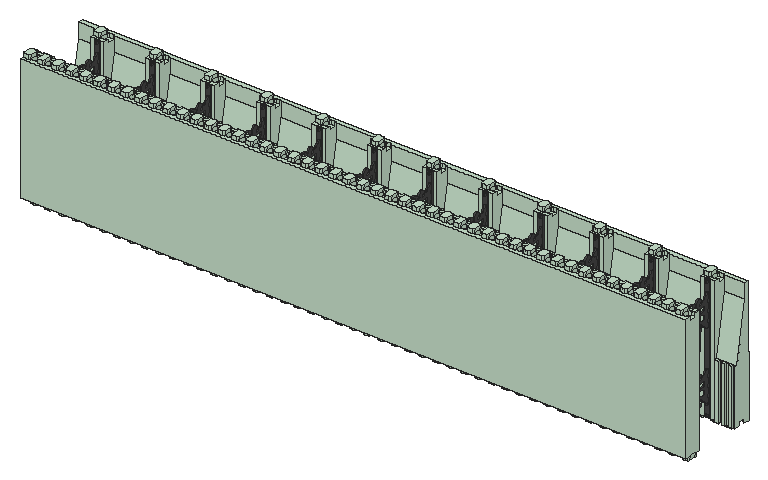
Revit family (continued)
Definition of nested family "NUDURA Diamond Pattern"
  Lines and regions (mm)
    model lines
      curve 162: line (96.953, -142.875, 71.165) -> (87.428, -142.875, 61.64)
      curve 163: arc (87.428, -142.875, 61.64) -> (85.569, -142.875, 57.15) -> (87.428, -142.875, 52.66) r 6.35
      curve 164: line (87.428, -142.875, 52.66) -> (96.953, -142.875, 43.135)
      curve 165: arc (96.953, -142.875, 43.135) -> (101.444, -142.875, 41.275) -> (105.934, -142.875, 43.135) r 6.35
      curve 166: line (105.934, -142.875, 43.135) -> (115.459, -142.875, 52.66)
      curve 167: arc (115.459, -142.875, 52.66) -> (117.319, -142.875, 57.15) -> (115.459, -142.875, 61.64) r 6.35
      curve 168: line (115.459, -142.875, 61.64) -> (105.934, -142.875, 71.165)
      curve 169: arc (93.906, -142.875, 34.508) -> (95.394, -142.875, 38.1) -> (93.906, -142.875, 41.692) r 5.08
      curve 170: line (93.906, -142.875, 34.508) -> (85.183, -142.875, 25.785)
      curve 171: arc (85.183, -142.875, 25.785) -> (82.394, -142.875, 19.05) -> (85.183, -142.875, 12.315) r 9.525
      curve 172: line (85.183, -142.875, 12.315) -> (94.708, -142.875, 2.79)
      curve 173: arc (94.708, -142.875, 2.79) -> (101.444, -142.875, 0) -> (108.179, -142.875, 2.79) r 9.525
      curve 174: line (108.179, -142.875, 2.79) -> (117.704, -142.875, 12.315)
      curve 175: arc (117.704, -142.875, 12.315) -> (120.494, -142.875, 19.05) -> (117.704, -142.875, 25.785) r 9.525
      curve 176: line (117.704, -142.875, 25.785) -> (108.981, -142.875, 34.508)
      curve 177: arc (108.981, -142.875, 41.692) -> (107.493, -142.875, 38.1) -> (108.981, -142.875, 34.508) r 5.08
      curve 178: arc (105.934, -142.875, 33.065) -> (101.444, -142.875, 34.925) -> (96.953, -142.875, 33.065) r 6.35
      curve 179: line (115.459, -142.875, 23.54) -> (105.934, -142.875, 33.065)
      curve 180: arc (115.459, -142.875, 14.56) -> (117.319, -142.875, 19.05) -> (115.459, -142.875, 23.54) r 6.35
      curve 181: line (105.934, -142.875, 5.035) -> (115.459, -142.875, 14.56)
      curve 182: arc (96.953, -142.875, 5.035) -> (101.444, -142.875, 3.175) -> (105.934, -142.875, 5.035) r 6.35
      curve 183: line (87.428, -142.875, 14.56) -> (96.953, -142.875, 5.035)
      curve 184: arc (87.428, -142.875, 23.54) -> (85.569, -142.875, 19.05) -> (87.428, -142.875, 14.56) r 6.35
      curve 185: line (96.953, -142.875, 33.065) -> (87.428, -142.875, 23.54)
      curve 186: arc (108.981, -142.875, 79.792) -> (107.493, -142.875, 76.2) -> (108.981, -142.875, 72.608) r 5.08
      curve 187: arc (108.981, -142.875, 117.892) -> (107.493, -142.875, 114.3) -> (108.981, -142.875, 110.708) r 5.08
      curve 188: arc (108.981, -142.875, 155.992) -> (107.493, -142.875, 152.4) -> (108.981, -142.875, 148.808) r 5.08
      curve 189: arc (108.981, -142.875, 194.092) -> (107.493, -142.875, 190.5) -> (108.981, -142.875, 186.908) r 5.08
      curve 190: arc (108.981, -142.875, 232.192) -> (107.493, -142.875, 228.6) -> (108.981, -142.875, 225.008) r 5.08
      curve 191: arc (108.981, -142.875, 270.292) -> (107.493, -142.875, 266.7) -> (108.981, -142.875, 263.108) r 5.08
      curve 192: arc (108.981, -142.875, 308.392) -> (107.493, -142.875, 304.8) -> (108.981, -142.875, 301.208) r 5.08
      curve 193: arc (108.981, -142.875, 346.492) -> (107.493, -142.875, 342.9) -> (108.981, -142.875, 339.308) r 5.08
      curve 194: arc (108.981, -142.875, 384.592) -> (107.493, -142.875, 381) -> (108.981, -142.875, 377.408) r 5.08
      curve 195: arc (108.981, -142.875, 422.692) -> (107.493, -142.875, 419.1) -> (108.981, -142.875, 415.508) r 5.08
Definition of nested family "NUDURA Logo Diamond"
  Reference planes
    plane 1 "Center (Front/Back)": y = 0
    plane 2: z = 0
    plane 3 "Center (Left/Right)": x = 0
  Lines and regions (mm)
    model lines
      curve 1: line (320.001, 0, 444.526) -> (311.021, 0, 453.507)
      curve 2: line (313.973, 0, 425.925) -> (320.001, 0, 431.954)
      curve 3: line (320.001, 0, 406.426) -> (313.973, 0, 412.455)
      curve 4: line (313.973, 0, 387.825) -> (320.001, 0, 393.854)
      curve 5: line (320.001, 0, 368.326) -> (313.973, 0, 374.355)
      curve 6: line (313.973, 0, 349.725) -> (320.001, 0, 355.754)
      curve 7: line (309.225, 0, 337.411) -> (322.887, 0, 323.749)
      curve 8: line (322.887, 0, 323.749) -> (324.683, 0, 325.545)
      curve 9: line (286.583, 0, 323.749) -> (300.245, 0, 337.411)
      curve 10: line (295.497, 0, 336.255) -> (284.787, 0, 325.545)
      curve 11: line (289.468, 0, 355.754) -> (295.497, 0, 349.725)
      curve 12: line (295.497, 0, 374.355) -> (289.468, 0, 368.326)
      curve 13: line (289.468, 0, 393.854) -> (295.497, 0, 387.825)
      curve 14: line (295.497, 0, 412.455) -> (289.468, 0, 406.426)
      curve 15: line (289.468, 0, 431.954) -> (295.497, 0, 425.925)
      curve 16: line (298.449, 0, 453.507) -> (289.468, 0, 444.526)
      curve 17: line (300.245, 0, 451.711) -> (291.265, 0, 442.73)
      curve 18: line (318.205, 0, 442.73) -> (309.225, 0, 451.711)
      curve 19: line (309.225, 0, 424.77) -> (318.205, 0, 433.75)
      curve 20: line (291.265, 0, 433.75) -> (300.245, 0, 424.77)
      curve 21: arc (289.468, 0, 444.526) -> (286.865, 0, 438.24) -> (289.468, 0, 431.954) r 8.89
      curve 22: arc (298.449, 0, 453.507) -> (304.735, 0, 456.111) -> (311.021, 0, 453.507) r 8.89
      curve 23: arc (291.265, 0, 442.73) -> (289.405, 0, 438.24) -> (291.265, 0, 433.75) r 6.35
      curve 24: arc (318.205, 0, 442.73) -> (320.065, 0, 438.24) -> (318.205, 0, 433.75) r 6.35
      curve 25: arc (309.225, 0, 424.77) -> (304.735, 0, 422.91) -> (300.245, 0, 424.77) r 6.35
      curve 26: arc (300.245, 0, 451.711) -> (304.735, 0, 453.571) -> (309.225, 0, 451.711) r 6.35
      curve 27: arc (320.001, 0, 444.526) -> (322.605, 0, 438.24) -> (320.001, 0, 431.954) r 8.89
      curve 28: arc (295.497, 0, 425.925) -> (298.287, 0, 419.19) -> (295.497, 0, 412.455) r 9.525
      curve 29: arc (313.973, 0, 425.925) -> (311.183, 0, 419.19) -> (313.973, 0, 412.455) r 9.525
      curve 30: line (313.973, 0, 387.825) -> (320.001, 0, 393.854)
      curve 31: line (289.468, 0, 393.854) -> (295.497, 0, 387.825)
      curve 32: line (300.245, 0, 413.611) -> (291.265, 0, 404.63)
      curve 33: line (318.205, 0, 404.63) -> (309.225, 0, 413.611)
      curve 34: line (309.225, 0, 386.67) -> (318.205, 0, 395.65)
      curve 35: line (291.265, 0, 395.65) -> (300.245, 0, 386.67)
      curve 36: arc (289.468, 0, 406.426) -> (286.865, 0, 400.14) -> (289.468, 0, 393.854) r 8.89
      curve 37: arc (291.265, 0, 404.63) -> (289.405, 0, 400.14) -> (291.265, 0, 395.65) r 6.35
      curve 38: arc (318.205, 0, 404.63) -> (320.065, 0, 400.14) -> (318.205, 0, 395.65) r 6.35
      curve 39: arc (309.225, 0, 386.67) -> (304.735, 0, 384.81) -> (300.245, 0, 386.67) r 6.35
      curve 40: arc (300.245, 0, 413.611) -> (304.735, 0, 415.471) -> (309.225, 0, 413.611) r 6.35
      curve 41: arc (320.001, 0, 406.426) -> (322.605, 0, 400.14) -> (320.001, 0, 393.854) r 8.89
      curve 42: line (295.497, 0, 412.455) -> (289.468, 0, 406.426)
      curve 43: line (320.001, 0, 406.426) -> (313.973, 0, 412.455)
      curve 44: arc (295.497, 0, 387.825) -> (298.287, 0, 381.09) -> (295.497, 0, 374.355) r 9.525
      curve 45: arc (313.973, 0, 387.825) -> (311.183, 0, 381.09) -> (313.973, 0, 374.355) r 9.525
      curve 46: line (313.973, 0, 349.725) -> (320.001, 0, 355.754)
      curve 47: line (289.468, 0, 355.754) -> (295.497, 0, 349.725)
      curve 48: line (300.245, 0, 375.511) -> (291.265, 0, 366.53)
      curve 49: line (318.205, 0, 366.53) -> (309.225, 0, 375.511)
      curve 50: line (309.225, 0, 348.57) -> (318.205, 0, 357.55)
      curve 51: line (291.265, 0, 357.55) -> (300.245, 0, 348.57)
      curve 52: arc (289.468, 0, 368.326) -> (286.865, 0, 362.04) -> (289.468, 0, 355.754) r 8.89
      curve 53: arc (291.265, 0, 366.53) -> (289.405, 0, 362.04) -> (291.265, 0, 357.55) r 6.35
      curve 54: arc (318.205, 0, 366.53) -> (320.065, 0, 362.04) -> (318.205, 0, 357.55) r 6.35
      curve 55: arc (309.225, 0, 348.57) -> (304.735, 0, 346.71) -> (300.245, 0, 348.57) r 6.35
      curve 56: arc (300.245, 0, 375.511) -> (304.735, 0, 377.371) -> (309.225, 0, 375.511) r 6.35
      curve 57: arc (320.001, 0, 368.326) -> (322.605, 0, 362.04) -> (320.001, 0, 355.754) r 8.89
      curve 58: line (295.497, 0, 374.355) -> (289.468, 0, 368.326)
      curve 59: arc (295.497, 0, 349.725) -> (298.287, 0, 342.99) -> (295.497, 0, 336.255) r 9.525
      curve 60: arc (313.973, 0, 349.725) -> (311.183, 0, 342.99) -> (313.973, 0, 336.255) r 9.525
      curve 61: line (324.683, 0, 325.545) -> (313.973, 0, 336.255)
      curve 62: line (284.787, 0, 325.545) -> (286.583, 0, 323.749)
      curve 63: arc (300.245, 0, 337.411) -> (304.735, 0, 339.271) -> (309.225, 0, 337.411) r 6.35
      curve 64: line (320.001, 0, 12.854) -> (311.021, 0, 3.874)
      curve 65: line (313.973, 0, 31.455) -> (320.001, 0, 25.426)
      curve 66: line (320.001, 0, 50.954) -> (313.973, 0, 44.925)
      curve 67: line (313.973, 0, 69.555) -> (320.001, 0, 63.526)
      curve 68: line (320.001, 0, 89.054) -> (313.973, 0, 83.025)
      curve 69: line (313.973, 0, 107.655) -> (320.001, 0, 101.626)
      curve 70: line (309.225, 0, 119.97) -> (322.887, 0, 133.632)
      curve 71: line (322.887, 0, 133.632) -> (324.683, 0, 131.836)
      curve 72: line (286.583, 0, 133.632) -> (300.245, 0, 119.97)
      curve 73: line (295.497, 0, 121.125) -> (284.787, 0, 131.836)
      curve 74: line (289.468, 0, 101.626) -> (295.497, 0, 107.655)
      curve 75: line (295.497, 0, 83.025) -> (289.468, 0, 89.054)
      curve 76: line (289.468, 0, 63.526) -> (295.497, 0, 69.555)
      curve 77: line (295.497, 0, 44.925) -> (289.468, 0, 50.954)
      curve 78: line (289.468, 0, 25.426) -> (295.497, 0, 31.455)
      curve 79: line (298.449, 0, 3.874) -> (289.468, 0, 12.854)
      curve 80: line (300.245, 0, 5.67) -> (291.265, 0, 14.65)
      curve 81: line (318.205, 0, 14.65) -> (309.225, 0, 5.67)
      curve 82: line (309.225, 0, 32.611) -> (318.205, 0, 23.63)
      curve 83: line (291.265, 0, 23.63) -> (300.245, 0, 32.611)
      curve 84: arc (289.468, 0, 12.854) -> (286.865, 0, 19.14) -> (289.468, 0, 25.426) r 8.89
      curve 85: arc (298.449, 0, 3.874) -> (304.735, 0, 1.27) -> (311.021, 0, 3.874) r 8.89
      curve 86: arc (291.265, 0, 14.65) -> (289.405, 0, 19.14) -> (291.265, 0, 23.63) r 6.35
      curve 87: arc (318.205, 0, 14.65) -> (320.065, 0, 19.14) -> (318.205, 0, 23.63) r 6.35
      curve 88: arc (309.225, 0, 32.611) -> (304.735, 0, 34.471) -> (300.245, 0, 32.611) r 6.35
      curve 89: arc (300.245, 0, 5.67) -> (304.735, 0, 3.81) -> (309.225, 0, 5.67) r 6.35
      curve 90: arc (320.001, 0, 12.854) -> (322.605, 0, 19.14) -> (320.001, 0, 25.426) r 8.89
      curve 91: arc (295.497, 0, 31.455) -> (298.287, 0, 38.19) -> (295.497, 0, 44.925) r 9.525
      curve 92: arc (313.973, 0, 31.455) -> (311.183, 0, 38.19) -> (313.973, 0, 44.925) r 9.525
      curve 93: line (313.973, 0, 69.555) -> (320.001, 0, 63.526)
      curve 94: line (289.468, 0, 63.526) -> (295.497, 0, 69.555)
      curve 95: line (300.245, 0, 43.77) -> (291.265, 0, 52.75)
      curve 96: line (318.205, 0, 52.75) -> (309.225, 0, 43.77)
      curve 97: line (309.225, 0, 70.711) -> (318.205, 0, 61.73)
      curve 98: line (291.265, 0, 61.73) -> (300.245, 0, 70.711)
      curve 99: arc (289.468, 0, 50.954) -> (286.865, 0, 57.24) -> (289.468, 0, 63.526) r 8.89
      curve 100: arc (291.265, 0, 52.75) -> (289.405, 0, 57.24) -> (291.265, 0, 61.73) r 6.35
      curve 101: arc (318.205, 0, 52.75) -> (320.065, 0, 57.24) -> (318.205, 0, 61.73) r 6.35
      curve 102: arc (309.225, 0, 70.711) -> (304.735, 0, 72.571) -> (300.245, 0, 70.711) r 6.35
      curve 103: arc (300.245, 0, 43.77) -> (304.735, 0, 41.91) -> (309.225, 0, 43.77) r 6.35
      curve 104: arc (320.001, 0, 50.954) -> (322.605, 0, 57.24) -> (320.001, 0, 63.526) r 8.89
      curve 105: line (295.497, 0, 44.925) -> (289.468, 0, 50.954)
      curve 106: line (320.001, 0, 50.954) -> (313.973, 0, 44.925)
      curve 107: arc (295.497, 0, 69.555) -> (298.287, 0, 76.29) -> (295.497, 0, 83.025) r 9.525
      curve 108: arc (313.973, 0, 69.555) -> (311.183, 0, 76.29) -> (313.973, 0, 83.025) r 9.525
      curve 109: line (313.973, 0, 107.655) -> (320.001, 0, 101.626)
      curve 110: line (289.468, 0, 101.626) -> (295.497, 0, 107.655)
      curve 111: line (300.245, 0, 81.87) -> (291.265, 0, 90.85)
      curve 112: line (318.205, 0, 90.85) -> (309.225, 0, 81.87)
      curve 113: line (309.225, 0, 108.811) -> (318.205, 0, 99.83)
      curve 114: line (291.265, 0, 99.83) -> (300.245, 0, 108.811)
      curve 115: arc (289.468, 0, 89.054) -> (286.865, 0, 95.34) -> (289.468, 0, 101.626) r 8.89
      curve 116: arc (291.265, 0, 90.85) -> (289.405, 0, 95.34) -> (291.265, 0, 99.83) r 6.35
      curve 117: arc (318.205, 0, 90.85) -> (320.065, 0, 95.34) -> (318.205, 0, 99.83) r 6.35
      curve 118: arc (309.225, 0, 108.811) -> (304.735, 0, 110.671) -> (300.245, 0, 108.811) r 6.35
      curve 119: arc (300.245, 0, 81.87) -> (304.735, 0, 80.01) -> (309.225, 0, 81.87) r 6.35
      curve 120: arc (320.001, 0, 89.054) -> (322.605, 0, 95.34) -> (320.001, 0, 101.626) r 8.89
      curve 121: line (295.497, 0, 83.025) -> (289.468, 0, 89.054)
      curve 122: arc (295.497, 0, 107.655) -> (298.287, 0, 114.39) -> (295.497, 0, 121.125) r 9.525
      curve 123: arc (313.973, 0, 107.655) -> (311.183, 0, 114.39) -> (313.973, 0, 121.125) r 9.525
      curve 124: line (324.683, 0, 131.836) -> (313.973, 0, 121.125)
      curve 125: line (284.787, 0, 131.836) -> (286.583, 0, 133.632)
      curve 126: arc (300.245, 0, 119.97) -> (304.735, 0, 118.11) -> (309.225, 0, 119.97) r 6.35
      curve 127: line (314.26, 0, 317.59) -> (295.21, 0, 317.59)
      curve 128: line (323.785, 0, 149.315) -> (323.785, 0, 308.065)
      curve 129: line (285.685, 0, 308.065) -> (285.685, 0, 149.315)
      curve 130: line (295.21, 0, 139.79) -> (314.26, 0, 139.79)
      curve 131: line (316.797, 0, 304.89) -> (305.798, 0, 311.24)
      curve 132: line (316.797, 0, 292.19) -> (316.797, 0, 304.89)
      curve 133: line (311.298, 0, 289.015) -> (316.797, 0, 292.19)
      curve 134: line (305.373, 0, 292.436) -> (311.298, 0, 289.015)
      curve 135: line (310.447, 0, 295.365) -> (305.373, 0, 292.436)
      curve 136: line (299.874, 0, 307.82) -> (310.447, 0, 301.715)
      curve 137: line (310.447, 0, 301.715) -> (310.447, 0, 295.365)
      curve 138: line (305.798, 0, 311.24) -> (299.874, 0, 307.82)
      curve 139: line (299.023, 0, 295.611) -> (304.097, 0, 298.54)
      curve 140: line (304.097, 0, 298.54) -> (298.172, 0, 301.961)
      curve 141: line (298.172, 0, 301.961) -> (292.673, 0, 298.786)
      curve 142: line (292.673, 0, 298.786) -> (292.673, 0, 286.086)
      curve 143: line (299.023, 0, 289.261) -> (299.023, 0, 295.611)
      curve 144: line (309.596, 0, 283.156) -> (299.023, 0, 289.261)
      curve 145: line (303.671, 0, 279.736) -> (309.596, 0, 283.156)
      curve 146: line (292.673, 0, 286.086) -> (303.671, 0, 279.736)
      curve 147: line (312.702, 0, 269.344) -> (296.768, 0, 272.912)
      curve 148: line (296.768, 0, 272.912) -> (296.768, 0, 267.036)
      curve 149: line (296.768, 0, 267.036) -> (308.089, 0, 264.517)
      curve 150: line (308.089, 0, 264.517) -> (296.768, 0, 260.949)
      curve 151: line (296.768, 0, 260.949) -> (296.768, 0, 251.084)
      curve 152: line (296.768, 0, 251.084) -> (309.138, 0, 248.314)
      curve 153: line (309.138, 0, 248.314) -> (309.138, 0, 247.516)
      curve 154: line (309.138, 0, 247.516) -> (301.281, 0, 248.991)
      curve 155: line (296.768, 0, 245.246) -> (296.768, 0, 237.71)
      curve 156: line (306.598, 0, 222.094) -> (306.598, 0, 228.599)
      curve 157: line (306.598, 0, 228.599) -> (296.768, 0, 230.786)
      curve 158: line (296.768, 0, 230.786) -> (296.768, 0, 215.343)
      curve 159: line (302.723, 0, 230.274) -> (312.702, 0, 228.039)
      curve 160: line (300.341, 0, 217.291) -> (300.341, 0, 223.486)
      curve 161: line (300.341, 0, 223.486) -> (306.598, 0, 222.094)
      curve 162: line (296.768, 0, 205.027) -> (296.768, 0, 197.49)
      curve 163: line (302.723, 0, 190.055) -> (310.162, 0, 188.389)
      curve 164: line (310.162, 0, 188.389) -> (310.162, 0, 176.633)
      curve 165: line (308.892, 0, 175.363) -> (307.868, 0, 175.363)
      curve 166: line (306.598, 0, 176.633) -> (306.598, 0, 180.004)
      curve 167: line (306.598, 0, 180.004) -> (307.868, 0, 179.719)
      curve 168: line (307.868, 0, 179.719) -> (307.868, 0, 186.3)
      curve 169: line (307.868, 0, 186.3) -> (296.768, 0, 188.785)
      curve 170: line (296.768, 0, 188.785) -> (296.768, 0, 182.205)
      curve 171: line (296.768, 0, 182.205) -> (304.058, 0, 180.572)
      curve 172: line (304.058, 0, 180.572) -> (304.058, 0, 177.654)
      curve 173: line (302.788, 0, 176.384) -> (296.768, 0, 176.384)
      curve 174: line (296.768, 0, 176.384) -> (296.768, 0, 164.003)
      curve 175: line (296.768, 0, 164.003) -> (299.284, 0, 162.219)
      curve 176: line (299.284, 0, 162.219) -> (299.284, 0, 153.715)
      curve 177: line (307.942, 0, 156.079) -> (301.824, 0, 160.418)
      curve 178: line (301.824, 0, 160.418) -> (301.824, 0, 154.409)
      curve 179: line (301.824, 0, 154.409) -> (307.942, 0, 156.079)
      curve 180: line (299.284, 0, 153.715) -> (296.768, 0, 153.028)
      curve 181: line (296.768, 0, 153.028) -> (296.768, 0, 146.14)
      curve 182: line (296.768, 0, 146.14) -> (312.702, 0, 150.491)
      curve 183: line (312.702, 0, 150.491) -> (312.702, 0, 159.713)
      curve 184: line (312.702, 0, 159.713) -> (298.767, 0, 169.594)
      curve 185: line (298.767, 0, 169.594) -> (302.342, 0, 169.594)
      curve 186: line (312.702, 0, 172.383) -> (312.702, 0, 193.945)
      curve 187: line (312.702, 0, 193.945) -> (302.326, 0, 196.268)
      curve 188: line (300.341, 0, 198.747) -> (300.341, 0, 201.381)
      curve 189: line (301.888, 0, 202.62) -> (312.702, 0, 200.199)
      curve 190: line (312.702, 0, 200.199) -> (312.702, 0, 206.628)
      curve 191: line (312.702, 0, 206.628) -> (306.843, 0, 207.728)
      curve 192: line (312.702, 0, 212.942) -> (312.702, 0, 227.241)
      curve 193: line (312.702, 0, 227.241) -> (309.138, 0, 228.034)
      curve 194: line (309.138, 0, 228.034) -> (309.138, 0, 217.291)
      curve 195: line (312.702, 0, 228.039) -> (312.702, 0, 234.164)
      curve 196: line (312.702, 0, 234.164) -> (302.326, 0, 236.488)
      curve 197: line (300.341, 0, 238.966) -> (300.341, 0, 241.6)
      curve 198: line (301.736, 0, 242.874) -> (312.702, 0, 240.418)
      curve 199: line (312.702, 0, 240.418) -> (312.702, 0, 253.611)
      curve 200: line (312.702, 0, 253.611) -> (302.429, 0, 255.912)
      curve 201: line (302.429, 0, 255.912) -> (312.702, 0, 259.27)
      curve 202: line (312.702, 0, 259.27) -> (312.702, 0, 269.344)
      curve 203: arc (296.768, 0, 245.246) -> (298.145, 0, 248.178) -> (301.281, 0, 248.991) r 3.81
      curve 204: arc (296.768, 0, 237.71) -> (298.44, 0, 232.946) -> (302.723, 0, 230.274) r 7.62
      curve 205: arc (300.842, 0, 208.826) -> (297.87, 0, 211.5) -> (296.768, 0, 215.343) r 7.251
      curve 206: arc (296.768, 0, 205.027) -> (297.979, 0, 207.812) -> (300.842, 0, 208.826) r 3.808
      curve 207: arc (296.768, 0, 197.49) -> (298.44, 0, 192.727) -> (302.723, 0, 190.055) r 7.62
      curve 208: arc (300.341, 0, 198.747) -> (300.898, 0, 197.159) -> (302.326, 0, 196.268) r 2.54
      curve 209: arc (300.341, 0, 201.381) -> (300.817, 0, 202.372) -> (301.888, 0, 202.62) r 1.27
      curve 210: arc (307.868, 0, 175.363) -> (306.969, 0, 175.735) -> (306.598, 0, 176.633) r 1.27
      curve 211: arc (308.892, 0, 175.363) -> (309.79, 0, 175.735) -> (310.162, 0, 176.633) r 1.27
      curve 212: arc (304.058, 0, 177.654) -> (303.686, 0, 176.756) -> (302.788, 0, 176.384) r 1.27
      curve 213: arc (302.342, 0, 169.594) -> (303.976, 0, 170.198) -> (304.826, 0, 171.718) r 2.516
      curve 214: arc (304.826, 0, 171.718) -> (309.07, 0, 168.432) -> (312.702, 0, 172.383) r 3.966
      curve 215: arc (306.843, 0, 207.728) -> (310.942, 0, 209.02) -> (312.702, 0, 212.942) r 5.249
      curve 216: arc (300.341, 0, 217.291) -> (304.739, 0, 212.893) -> (309.138, 0, 217.291) r 4.398
      curve 217: arc (300.341, 0, 238.966) -> (300.898, 0, 237.378) -> (302.326, 0, 236.488) r 2.54
      curve 218: arc (300.341, 0, 241.6) -> (300.886, 0, 242.648) -> (302.057, 0, 242.802) r 1.279
      curve 219: arc (285.685, 0, 308.065) -> (288.475, 0, 314.8) -> (295.21, 0, 317.59) r 9.525
      curve 220: arc (314.26, 0, 317.59) -> (320.995, 0, 314.8) -> (323.785, 0, 308.065) r 9.525
      curve 221: arc (285.685, 0, 149.315) -> (288.475, 0, 142.58) -> (295.21, 0, 139.79) r 9.525
      curve 222: arc (314.26, 0, 139.79) -> (320.995, 0, 142.58) -> (323.785, 0, 149.315) r 9.525
      curve 223: line (253.935, 0, 457.2) -> (253.935, 0, 0)
      curve 224: line (355.535, 0, 457.2) -> (355.535, 0, 0)
      curve 225: line (406.335, 0, 457.2) -> (406.335, 0, 0)
